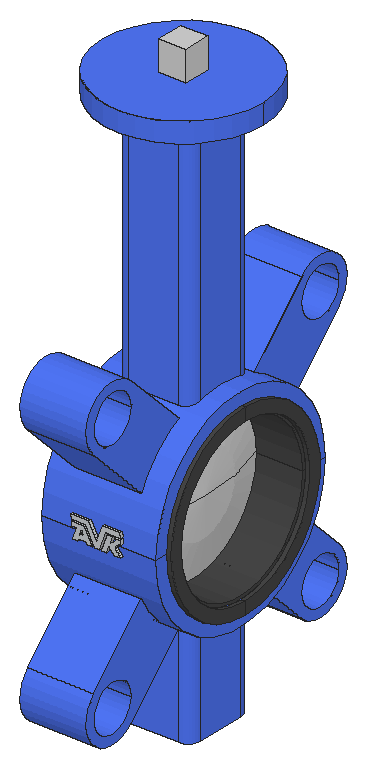
Revit family "820-10-032 DN25-65", category Pipe Accessories, Revit 2022
Family settings
  Round Connector Dimension = Use Diameter
  Part Type = Valve - Breaks Into
  Work Plane-Based = No
  Always vertical = Yes
  Cut with Voids When Loaded = No
  Shared = No
Parameters (values of type "DN65_PN10/16")
  fillet = 2 * Body_wallthickness  # 20 mm
  disk = LUG_T * 0.7  # 12.88 mm
  W2_ref = size_lookup(Search_table, "W2", 0 mm, DN)  # 150 mm
  URL product pages = "https://www.avkvalves.com/P.aspx?no=820002510541E0160002"
  Search_table = "820-10-032 DN25-65"
  Rubber_R = (Body_wallthickness / 2) + ID  # 37.5 mm
  PCD = size_lookup(Search_table, "PCD", 0 mm, DN) / 2  # 72.5 mm
  Lug_D = (Hole_dia / 2) * 1.4  # 13.3 mm
  L_ref_3 = L_ref / 1.2  # 25 mm
  L_ref_2 = L_ref * 2  # 60 mm
  L_ref = L - (Flange_thickness * 2)  # 30 mm
  LUG_T = L * 0.4  # 18.4 mm
  L2 = size_lookup(Search_table, "L2", 0 mm, DN) / 2  # 65.5 mm
  L = size_lookup(Search_table, "L", 0 mm, DN)  # 46 mm
  ID = DN / 2  # 32.5 mm
  Hole_dia = size_lookup(Search_table, "Hole_dia", 0 mm, DN)  # 19 mm
  H2 = size_lookup(Search_table, "H2", 0 mm, DN)  # 82 mm
  Flange_thickness = size_lookup(Search_table, "Flange_Thickness", 0 mm, DN)  # 8 mm
  F2 = size_lookup(Search_table, "F2", 0 mm, DN)  # 12 mm
  F = size_lookup(Search_table, "F", 0 mm, DN)  # 11 mm
  EPDM = ID - 1 mm  # 31.5 mm
  Description_ = "AVK CENTRIC BUTTERFLY VALVE LUG TYPE, PN10/16"
  Default Elevation = 0 mm
  DN65_PN10/16 = "820-0065-10-541E0160002"
  DN = 65 mm
  Bore = DN / 2  # 32.5 mm
  Body_wallthickness = 10 mm  # constant formula
  DN50_PN10/16 = "820-0050-10-541E0160002"
  DN40_PN10/16 = "820-0040-10-541E0160002"
  DN32_PN10/16 = "820-0032-10-541E0160002"
  DN25_PN10/16 = "820-0025-10-541E0160002"
  Actuator_Dia = size_lookup(Search_table, "Actuator_Dia", 0 mm, DN)  # 65 mm
  Actuator FL_D = size_lookup(Search_table, "Actuator FL_D", 0 mm, DN)  # 80 mm
  90 = 90 mm  # constant formula
  2 = 2 mm  # constant formula
Types (6, lengths in mm): name | disk | W2_ref | Rubber_R | PCD | L_ref_3 | L_ref_2 | L_ref | LUG_T | L2 | L | ID | H2 | Flange_thickness | F | EPDM | DN | Bore | Actuator FL_D
  (no name) | 12.88 | 150 | 37.5 | 72.5 | 25 | 60 | 30 | 18.4 | 65.5 | 46 | 32.5 | 82 | 8 | 11 | 31.5 | 65 | 32.5 | 80
  DN25_PN10/16 | 12.04 | 135 | 30 | 62.5 | 24.167 | 58 | 29 | 17.2 | 58 | 43 | 25 | 72 | 7 | 11 | 24 | 50 | 25 | 70
  DN32_PN10/16 | 8.4 | 110 | 21 | 50 | 15 | 36 | 18 | 12 | 50.5 | 30 | 16 | 51 | 6 | 8 | 15 | 32 | 16 | 60
  DN40_PN10/16 | 9.24 | 130 | 25 | 55 | 15.833 | 38 | 19 | 13.2 | 54 | 33 | 20 | 54 | 7 | 8 | 19 | 40 | 20 | 70
  DN50_PN10/16 | 12.04 | 135 | 30 | 62.5 | 24.167 | 58 | 29 | 17.2 | 58 | 43 | 25 | 72 | 7 | 11 | 24 | 50 | 25 | 70
  DN65_PN10/16 | 12.88 | 150 | 37.5 | 72.5 | 25 | 60 | 30 | 18.4 | 65.5 | 46 | 32.5 | 82 | 8 | 11 | 31.5 | 65 | 32.5 | 80
Reference planes
  plane 1 "Center (Front/Back)": y = 0
  plane 2: z = 0
  plane 3 "Center (Left/Right)": x = 0
  plane 4: z = 150
  plane 5: z = -82
  plane 6: y = 15
  plane 7: x = -15
  plane 8: y = -15
  plane 9: x = 15
  plane 10: x = -10
  plane 11: x = 10
  plane 12: y = -10
  plane 13: y = -10
  plane 14: x = -10
  plane 15: x = 10
  plane 16: y = 10
  plane 17: y = 10
  plane 18: z = 162
  plane 19: z = 32.5
  plane 20: z = -32.5
  plane 21: y = -65.5
  plane 22: y = 65.5
  plane 23: x = -23
  plane 24: x = 23
  plane 25: x = -9.2
  plane 26: x = 9.2
  plane 27: x = -9.2
  plane 28: x = 9.2
  plane 29: through (0, 0, 0) normal (0, 0.7071, 0.7071)
  plane 30: through (0, 0, 0) normal (0, 0.7071, -0.7071)
  plane 31: x = -9.2
  plane 32: x = 9.2
  plane 33: x = 5.5
  plane 34: x = -5.5
  plane 35: y = 32.5
  plane 36: y = -32.5
  plane 37: x = -32.5
  plane 38: x = 32.5
  plane 39: x = -13.3
  plane 40: x = 13.3
Forms (mm)
  Revolve 1, solid, material "Plastic"
    sketch origin (0, 0, 0) x (1, 0, 0) y (0, 1, 0)
      loop
        line (-23, 42.5) -> (-23, 32.5) -> (23, 32.5) -> (23, 42.5) -> (-23, 42.5)
      axis (-23, 0) -> (23, 0)
    angle from 0 to 360
  Extrusion 2, solid, material "Plastic"
    sketch origin (0, 0, 0) x (1, 0, 0) y (0, 1, 0)
      loop
        arc (-10, 15) -> (-13.536, 13.536) -> (-15, 10) r 5
        line (-15, 10) -> (-15, -10)
        arc (-15, -10) -> (-13.536, -13.536) -> (-10, -15) r 5
        line (-10, -15) -> (10, -15)
        arc (10, -15) -> (13.536, -13.536) -> (15, -10) r 5
        line (15, -10) -> (15, 10)
        arc (15, 10) -> (13.536, 13.536) -> (10, 15) r 5
        line (10, 15) -> (-10, 15)
    from -82 to 142
  Extrusion 3, solid, material "Plastic"
    sketch origin (0, 0, 0) x (1, 0, 0) y (0, 1, 0)
      loop
        circle (0, 0) r 32.5
    from 142 to 150
  Extrusion 4, solid, material "Stainless Steel AISI 304"
    sketch origin (0, 0, 0) x (1, 0, 0) y (0, 1, 0)
      loop
        line (-5.5, 5.5) -> (-5.5, -5.5) -> (5.5, -5.5) -> (5.5, 5.5) -> (-5.5, 5.5)
    from 150 to 162
  Revolve 5, void
    sketch origin (0, 0, 0) x (1, 0, 0) y (0, 1, 0)
      loop
        line (-23, 32.5) -> (-23, 0) -> (23, 0) -> (23, 32.5) -> (-23, 32.5)
      axis (-23, 0) -> (23, 0)
    angle from 0 to 360
  Revolve 6, solid, material "Stainless Steel AISI 304"
    sketch origin (0, 0, 0) x (1, 0, 0) y (0, 1, 0)
      loop
        line (-9.2, 0) -> (9.2, 0)
        arc (9.2, 0) -> (7.82, 16.484) -> (3.68, 32.5) r 97.757
        line (3.68, 32.5) -> (-3.68, 32.5)
        arc (-3.68, 32.5) -> (-7.82, 16.484) -> (-9.2, 0) r 97.757
      axis (-9.2, 0) -> (9.2, 0)
    angle from 0 to 360
  Revolve 7, solid, material "Default Wall"
    sketch origin (0, 0, 0) x (1, 0, 0) y (0, 1, 0)
      loop
        line (-23, 32.5) -> (-23, 31.5) -> (23, 31.5) -> (23, 32.5) -> (-23, 32.5)
      axis (23, 0) -> (-23, 0)
    angle from 0 to 360
  Extrusion 8, solid, material "Plastic"
    sketch origin (0, 0, 0) x (0, 1, 0) y (0, 0, 1)
      loop
        arc (-30.373, 11.564) -> (-22.981, 22.981) -> (-11.564, 30.373) r 32.5
        line (-11.564, 30.373) -> (-42.795, 61.605)
        arc (-42.795, 61.605) -> (-61.605, 61.605) -> (-61.605, 42.795) r 13.3
        line (-61.605, 42.795) -> (-30.373, 11.564)
      loop
        circle (-52.2, 52.2) r 9.5
    from -13.3 to 13.3
  Extrusion 9, solid, material "Plastic"
    sketch origin (0, 0, 0) x (0, -1, 0) y (0, 0, -1)
      loop
        line (-30.373, -11.564) -> (-61.605, -42.795)
        arc (-61.605, -42.795) -> (-61.605, -61.605) -> (-42.795, -61.605) r 13.3
        line (-42.795, -61.605) -> (-11.564, -30.373)
        arc (-11.564, -30.373) -> (-22.981, -22.981) -> (-30.373, -11.564) r 32.5
      loop
        circle (-52.2, -52.2) r 9.5
    from -13.3 to 13.3
  Extrusion 10, solid, material "Plastic"
    sketch origin (0, 0, 0) x (0, 1, 0) y (0, 0, 1)
      loop
        line (-30.373, -11.564) -> (-61.605, -42.795)
        arc (-61.605, -42.795) -> (-61.605, -61.605) -> (-42.795, -61.605) r 13.3
        line (-42.795, -61.605) -> (-11.564, -30.373)
        arc (-11.564, -30.373) -> (-22.981, -22.981) -> (-30.373, -11.564) r 32.5
      loop
        circle (-52.2, -52.2) r 9.5
    from -13.3 to 13.3
  Extrusion 11, solid, material "Plastic"
    sketch origin (0, 0, 0) x (0, -1, 0) y (0, 0, -1)
      loop
        arc (-30.373, 11.564) -> (-22.981, 22.981) -> (-11.564, 30.373) r 32.5
        line (-11.564, 30.373) -> (-42.795, 61.605)
        arc (-42.795, 61.605) -> (-61.605, 61.605) -> (-61.605, 42.795) r 13.3
        line (-61.605, 42.795) -> (-30.373, 11.564)
      loop
        circle (-52.2, 52.2) r 9.5
    from -13.3 to 13.3
  Revolve 12, solid, material "Default Wall"
    sketch origin (0, 0, 0) x (1, 0, 0) y (0, 0, 1)
      loop
        line (25, 37.5) -> (23, 37.5) -> (23, 32.5) -> (25, 32.5) -> (25, 37.5)
      loop
        line (-23, 37.5) -> (-25, 37.5) -> (-25, 32.5) -> (-23, 32.5) -> (-23, 37.5)
      axis (25, 0) -> (-25, 0)
    angle from 0 to 360
Cuts and joins
  Revolve 5 cuts Revolve 1
  Revolve 5 cuts Extrusion 2
Dimensions and locks
  equal spacing: Revolve 1 sketch curve, plane 3 "Center (Left/Right)", Revolve 1 sketch curve
  "ID": plane 1 "Center (Front/Back)" to Revolve 1 sketch curve
  "Body_wallthickness": Revolve 1 sketch curve to Revolve 1 sketch curve
  "W2_ref": plane 4 to level
  "H2": level to plane 5
  locked: plane 7 to plane 10 at 5
  locked: plane 11 to plane 9 at 5
  locked: plane 6 to plane 16 at 5
  locked: plane 12 to plane 8 at 5
  locked: plane 15 to plane 9 at 5
  locked: plane 7 to plane 14 at 5
  locked: plane 13 to plane 8 at 5
  locked: plane 17 to plane 6 at 5
  equal spacing: plane 7, plane 3 "Center (Left/Right)", plane 9
  "L_ref": plane 7 to plane 9
  equal spacing: plane 6, plane 1 "Center (Front/Back)", plane 8
  "L_ref": plane 6 to plane 8
  "Flange_thickness": plane 4 to Extrusion 3
  "F2": plane 18 to plane 4
  equal spacing: plane 19, level, plane 20
  "ID": plane 19 to level
  "L2": plane 1 "Center (Front/Back)" to plane 21
  equal spacing: plane 22, plane 1 "Center (Front/Back)", plane 21
  plane 18 to plane 4 = 12 mm
  equal spacing: Extrusion 4 sketch curve, plane 3 "Center (Left/Right)", Extrusion 4 sketch curve
  equal spacing: Extrusion 4 sketch curve, plane 1 "Center (Front/Back)", Extrusion 4 sketch curve
  "F": Extrusion 4 sketch curve to Extrusion 4 sketch curve  (x2)
  equal spacing: plane 24, plane 3 "Center (Left/Right)", plane 23
  "L": plane 24 to plane 23
  equal spacing: Revolve 5 sketch curve, plane 3 "Center (Left/Right)", Revolve 5 sketch curve
  "L": Revolve 5 sketch curve to Revolve 5 sketch curve
  "ID": plane 1 "Center (Front/Back)" to Revolve 5 sketch curve
  "L": Revolve 1 sketch curve to Revolve 1 sketch curve
  "Flange_thickness": plane 4 to cut or joined group of Extrusion 2, Revolve 5
  equal spacing: plane 23, Extrusion 3 sketch curve, plane 24
  equal spacing: plane 21, Extrusion 3 sketch curve, plane 22
  equal spacing: plane 26, plane 3 "Center (Left/Right)", plane 25
  "LUG_T": plane 26 to plane 25
  equal spacing: Revolve 7 sketch curve, plane 3 "Center (Left/Right)", Revolve 7 sketch curve
  "EPDM": plane 1 "Center (Front/Back)" to Revolve 7 sketch curve
  "ID": plane 1 "Center (Front/Back)" to Revolve 7 sketch curve
  "ID": plane 1 "Center (Front/Back)" to Revolve 6 sketch curve
  equal spacing: plane 24, nested 1, plane 23
  equal spacing: Revolve 6 sketch curve, plane 3 "Center (Left/Right)", Revolve 6 sketch curve  (x2)
  equal spacing: plane 27, plane 3 "Center (Left/Right)", plane 28
  "LUG_T": plane 27 to plane 28
  "LUG_T": plane 27 to Revolve 6 sketch curve
  "disk": Revolve 6 sketch curve to plane 28
  equal spacing: Extrusion 8 sketch curve, plane 29, Extrusion 8 sketch curve  (x2)
  "Lug_D": Extrusion 8 sketch curve to plane 29
  equal spacing: plane 32, plane 3 "Center (Left/Right)", plane 31
  "LUG_T": plane 32 to plane 31
  "L2": plane 1 "Center (Front/Back)" to Extrusion 8 sketch curve
  equal spacing: Extrusion 9 sketch curve, plane 30, Extrusion 9 sketch curve  (x2)
  "Lug_D": Extrusion 9 sketch curve to plane 30
  "L2": Extrusion 9 sketch curve to plane 1 "Center (Front/Back)"
  equal spacing: Extrusion 11 sketch curve, plane 29, Extrusion 11 sketch curve  (x2)
  "L2": Extrusion 11 sketch curve to plane 1 "Center (Front/Back)"
  "Lug_D": plane 29 to Extrusion 11 sketch curve
  "Lug_D": Extrusion 10 sketch curve to plane 30
  "L2": plane 1 "Center (Front/Back)" to Extrusion 10 sketch curve
  equal spacing: Extrusion 10 sketch curve, plane 30, Extrusion 10 sketch curve  (x2)
  equal spacing: Extrusion 9, plane 3 "Center (Left/Right)", Extrusion 9
  "Lug_D": plane 3 "Center (Left/Right)" to Extrusion 9
  equal spacing: Extrusion 11, plane 3 "Center (Left/Right)", Extrusion 11
  "Lug_D": Extrusion 11 to plane 3 "Center (Left/Right)"
  plane 22 to plane 21 = 131 mm
  plane 24 to plane 23 = 46 mm  (x2)
  equal spacing: plane 33, plane 3 "Center (Left/Right)", plane 34
  "F": plane 34 to plane 33
  equal spacing: plane 35, plane 1 "Center (Front/Back)", plane 36
  "Actuator_Dia": plane 35 to plane 36
  equal spacing: plane 38, plane 3 "Center (Left/Right)", plane 37
  "Actuator_Dia": plane 38 to plane 37
  equal spacing: Revolve 12 sketch curve, plane 3 "Center (Left/Right)", Revolve 12 sketch curve  (x2)
  "2": Revolve 12 sketch curve to plane 24
  "Rubber_R": level to Revolve 12 sketch curve
  equal spacing: plane 40, plane 3 "Center (Left/Right)", plane 39
  "Lug_D": plane 3 "Center (Left/Right)" to plane 39
  equal spacing: Extrusion 8, plane 3 "Center (Left/Right)", Extrusion 8
  equal spacing: Extrusion 10, plane 3 "Center (Left/Right)", Extrusion 10
  "Actuator_Dia": diameter of Extrusion 3 sketch curve
  "Bore": radius of Extrusion 8 sketch curve
  "Bore": radius of Extrusion 9 sketch curve
  "Bore": radius of Extrusion 10 sketch curve
  "Bore": radius of Extrusion 11 sketch curve
  "Hole_dia": diameter of Extrusion 9 sketch curve
  "Hole_dia": diameter of Extrusion 8 sketch curve
  "Hole_dia": diameter of Extrusion 11 sketch curve
  "Hole_dia": diameter of Extrusion 10 sketch curve
  angle level to plane 29 = 45.00°
  angle plane 30 to level = 45.00°
  aligned and locked: level to plane 2
  aligned and locked: plane 1 "Center (Front/Back)" to Revolve 1 sketch curve
  aligned and locked: plane 11 to Extrusion 2 sketch curve
  aligned and locked: plane 6 to Extrusion 2 sketch curve  (x2)
  aligned and locked: plane 16 to Extrusion 2 sketch curve
  aligned and locked: plane 9 to Extrusion 2 sketch curve  (x2)
  aligned and locked: plane 12 to Extrusion 2 sketch curve
  aligned and locked: plane 8 to Extrusion 2 sketch curve  (x2)
  aligned and locked: plane 15 to Extrusion 2 sketch curve
  aligned and locked: plane 14 to Extrusion 2 sketch curve
  aligned and locked: plane 7 to Extrusion 2 sketch curve  (x2)
  aligned and locked: plane 13 to Extrusion 2 sketch curve
  aligned and locked: plane 17 to Extrusion 2 sketch curve
  aligned and locked: plane 10 to Extrusion 2 sketch curve
  aligned and locked: Extrusion 2 to plane 5
  aligned and locked: Extrusion 3 to plane 4
  aligned and locked: plane 18 to Extrusion 4
  aligned and locked: plane 4 to Extrusion 4
  aligned and locked: Revolve 5 sketch curve to plane 1 "Center (Front/Back)"
  aligned and locked: plane 1 "Center (Front/Back)" to Revolve 5 sketch curve
  aligned and locked: Revolve 6 sketch curve to plane 1 "Center (Front/Back)"
  aligned and locked: plane 23 to Revolve 7 sketch curve
  aligned and locked: Revolve 7 sketch curve to plane 1 "Center (Front/Back)"
  aligned and locked: Revolve 12 sketch curve to Revolve 12 sketch curve  (x2)
  aligned and locked: plane 24 to Revolve 12 sketch curve
  aligned and locked: plane 19 to Revolve 12 sketch curve
  aligned and locked: Revolve 12 sketch curve to level
  aligned and locked: Extrusion 10 to Extrusion 8
  aligned and locked: Extrusion 8 to Extrusion 10
  aligned and locked: Extrusion 8 to plane 39
Automatic sketch dimensions
  Revolve 1 sketch curve to plane 23 = 0 mm
  Revolve 1 sketch curve to plane 24 = 0 mm
  Revolve 5 sketch curve to plane 37 = 15.521 mm
  plane 33 to Revolve 5 sketch curve = 1.267 mm
  plane 1 "Center (Front/Back)" to Revolve 6 sketch curve = 0 mm
  Revolve 6 sketch curve to plane 1 "Center (Front/Back)" = 0.115 mm  (x2)
  Revolve 6 sketch curve to plane 37 = 1.242 mm
  Revolve 6 sketch curve to plane 38 = 0.584 mm
  plane 24 to Revolve 7 sketch curve = 2.945 mm
  Revolve 7 sketch curve to plane 38 = 5.745 mm
  Extrusion 8 sketch curve to Extrusion 8 sketch curve = 0 mm  (x3)
  Extrusion 8 sketch curve to level = 0 mm
  Extrusion 8 sketch curve to plane 1 "Center (Front/Back)" = 0 mm
  Extrusion 9 sketch curve to Extrusion 9 sketch curve = 0 mm  (x3)
  Extrusion 9 sketch curve to level = 0 mm
  Extrusion 9 sketch curve to plane 1 "Center (Front/Back)" = 0 mm
  Extrusion 10 sketch curve to Extrusion 10 sketch curve = 0 mm  (x3)
  Extrusion 10 sketch curve to level = 0 mm
  Extrusion 10 sketch curve to plane 1 "Center (Front/Back)" = 0 mm
  Extrusion 11 sketch curve to Extrusion 11 sketch curve = 0 mm  (x2)
  Extrusion 11 sketch curve to level = 0 mm
  Extrusion 11 sketch curve to plane 1 "Center (Front/Back)" = 0 mm
  Revolve 12 sketch curve to plane 26 = 1.04 mm
  plane 24 to Revolve 12 sketch curve = 4.052 mm
Nested families
  nested 1: "Latest New 3" at (0, -42.38, -3.186) x (1, 0, 0) z (0, -0.9972, -0.075), type "Latest New 3"
Connectors
  piping at (23, 0, 0), diameter 65, driven by "DN"
    settings: on Revolve 1, index 1, connector inside diameter 609.6 mm, connector length 0 mm, flow factor 0, pipe flow 0.0 L/s, pressure drop 0.0 Pa, fitting loss kfactor 0, connector angle 0.00°, fixture units 0, engagement length 0 mm, angle of deflection 0.00°, flow configuration 0, flow direction 0, fitting loss method 0, system type 7, joint type 0, gender type 0, connector reference index -1, connector utility 0, adjustable connector no, is connector primary yes, connector description ""
  piping at (-23, 0, 0), diameter 65, driven by "DN"
    settings: on cut or joined group of Revolve 1, Revolve 5, index 2, connector inside diameter 609.6 mm, connector length 0 mm, flow factor 0, pipe flow 0.0 L/s, pressure drop 0.0 Pa, fitting loss kfactor 0, connector angle 0.00°, fixture units 0, engagement length 0 mm, angle of deflection 0.00°, flow configuration 0, flow direction 0, fitting loss method 0, system type 7, joint type 0, gender type 0, connector reference index -1, connector utility 0, adjustable connector no, is connector primary no, connector description ""
Definition of nested family "Latest New 3"
  Parameters
    Default Elevation = 1219.2 mm
  Reference planes
    plane 1 "Center (Front/Back)": y = 0
    plane 2: z = 0
    plane 3 "Center (Left/Right)": x = 0
  Forms (mm)
    Extrusion 1, solid
      sketch origin (0, 0, 0) x (1, 0, 0) y (0, 1, 0)
        loop
          line (-1219.2, 1219.2) -> (-1219.2, -1219.2) -> (1219.2, -1219.2) -> (1219.2, 1219.2) -> (-1219.2, 1219.2)
      from 0 to -304.8
    Extrusion 2, solid
      sketch origin (0, 0, 0) x (1, 0, 0) y (0, 1, 0)
        loop
          line (-2.683, 9.413) -> (-9.884, 9.413) -> (-9.884, 7.46) -> (-4.022, 7.46) -> (-0.985, 0) -> (0.985, 0) -> (4.022, 7.46) -> (9.884, 7.46) -> (9.884, 9.413) -> (2.683, 9.413) -> (0, 2.824) -> (-2.683, 9.413)
        loop
          line (-4.528, 6.707) -> (-9.884, 6.707) -> (-9.884, 4.824) -> (-8.032, 4.824) -> (-9.884, 0) -> (-7.792, 0) -> (-7.394, 1.035) -> (-4.328, 1.035) -> (-3.907, 0) -> (-1.798, 0) -> (-4.528, 6.707)
        loop
          line (-6.91, 2.824) -> (-5.056, 2.824) -> (-6.01, 5.167) -> (-6.91, 2.824)
        loop
          line (1.798, 0) -> (3.907, 0) -> (4.98, 2.637) -> (6.968, 0) -> (9.413, 0) -> (7.166, 2.983)
          arc (7.166, 2.983) -> (8.216, 3.774) -> (9.007, 4.824) r 4.724
          line (9.007, 4.824) -> (9.884, 4.824) -> (9.884, 6.707) -> (8.001, 6.707)
          arc (8.001, 6.707) -> (7.315, 5.008) -> (5.642, 4.261) r 2.448
          line (5.642, 4.261) -> (6.637, 6.707) -> (4.528, 6.707) -> (1.798, 0)
      from 0 to 1
  Dimensions and locks
    aligned and locked: plane 2 to Extrusion 1
    aligned and locked: level to Extrusion 1
    aligned and locked: Extrusion 2 sketch curve to import instance  (x30)
